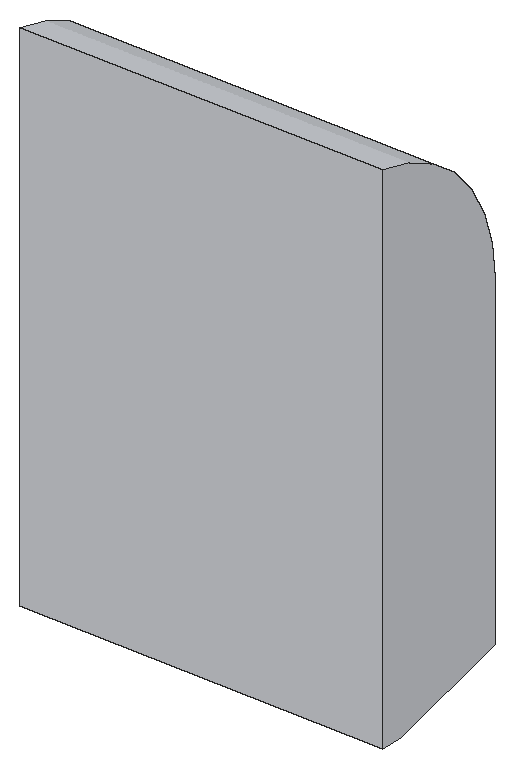
Revit family "DAN DRYER Stainless Design Mini Design 289", category Furniture Systems, host Wall, Revit 2017
Family settings
  Host = Wall
  Round Connector Dimension = Use Diameter
  Part Type = Normal
  Always vertical = Yes
  Cut with Voids When Loaded = No
  Shared = No
  Room Calculation Point = No
Parameters (values of type "Stål")
  Wicth = 375 mm
  URL = "http://www.dandryer.com/Files/Billeder/PDF/Datablade/Nye/Technical_data_sheet_289.pdf"
  Type Image = <None>
  Offset from Floor = 1200 mm
  Model = "Stainless design"
  Manufacturer = "http://www.dandryer.com/"
  Height = 535 mm
  Description = "STAINLESS DESIGN Toilet roll holder Art. no. 289"
  Cost = 0
Reference planes
  plane 1 "Wall": y = 0
  plane 2 "Center (Left/Right)": x = 125
  plane 3 "Back": y = 75
  plane 4 "Top": z = 1200
  plane 5 "Bund": z = 665
  plane 6: x = 312.5
  plane 7: x = -62.5
Forms (mm)
  Extrusion 1, solid
    sketch origin (125, 0, 0) x (0, 1, 0) y (0, 0, 1)
      loop
        line (75, 665) -> (97.679, 665) -> (219, 697.508) -> (219, 1037.508)
        arc (219, 1037.508) -> (177.82, 1146.066) -> (75, 1200) r 163.68
        line (75, 1200) -> (75, 665)
    from -187.5 to 187.5
  Extrusion 2, solid
    sketch origin (125, 0, 0) x (0, 1, 0) y (0, 0, 1)
      loop
        line (197.861, 691.843) -> (133.494, 674.596) -> (134.27, 671.699) -> (198.637, 688.946) -> (197.861, 691.843)
    from -81.28 to 139.434
Text (mm)
  text "Placement Side" at (-1848.837, 1116.779, 0), in view "Ref. Level"
  text "Placement side" at (0, 1409.804, 2854.306), in view "Left"
  text "Placement side" at (0, 499.811, 2980.732), in view "Right"
Dimensions and locks
  locked: plane 3 "Back" to host wall
  "Height": plane 5 "Bund" to plane 4 "Top"
  equal spacing: plane 7, plane 2 "Center (Left/Right)", plane 6
  "Wicth": plane 7 to plane 6
  "Offset from Floor": level to plane 4 "Top"
  aligned and locked: plane 1 "Wall" to host wall
  aligned and locked: Extrusion 1 to plane 7
  aligned and locked: Extrusion 1 to plane 6
  aligned and locked: plane 4 "Top" to Extrusion 1 sketch curve
  aligned and locked: host wall to Extrusion 1 sketch curve
Automatic sketch dimensions
  Extrusion 1 sketch curve to plane 5 "Bund" = 0 mm
  Extrusion 1 sketch curve to host wall = 19.68 mm
  Extrusion 1 sketch curve to Extrusion 1 sketch curve = 22.679 mm
  plane 5 "Bund" to Extrusion 1 sketch curve = 32.508 mm
  Extrusion 1 sketch curve to Extrusion 1 sketch curve = 121.321 mm
  plane 5 "Bund" to Extrusion 2 sketch curve = 6.699 mm
  host wall to Extrusion 2 sketch curve = 59.27 mm
  plane 5 "Bund" to Extrusion 2 sketch curve = 23.946 mm
  plane 5 "Bund" to Extrusion 2 sketch curve = 9.596 mm
  Extrusion 2 sketch curve to Extrusion 2 sketch curve = 0.776 mm
